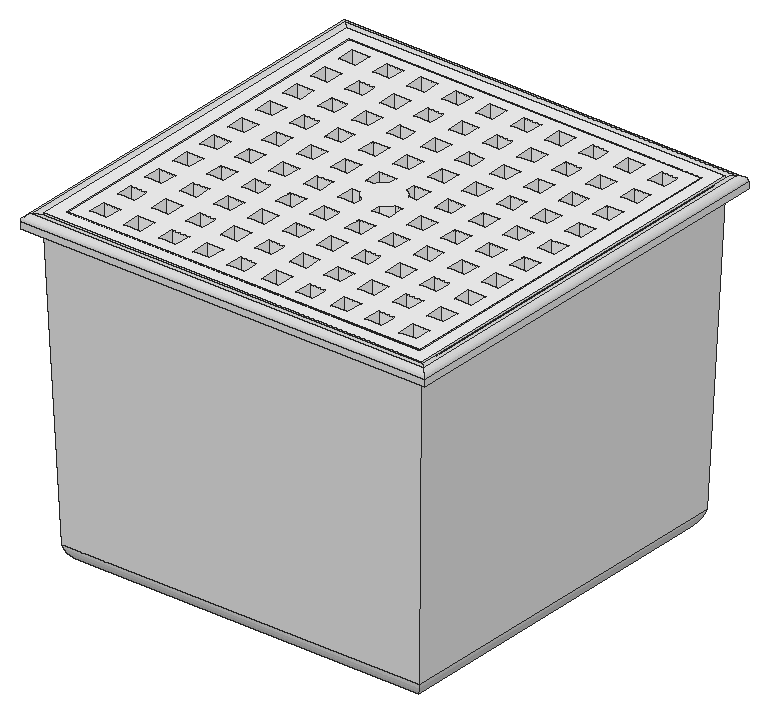
Revit family
Parameters (values of type "FD-1 - 2"")
  Pipe Conectior [instance] = 0' - 1"
  Half Grate [instance] = no
  Full Grate [instance] = yes
  Assembly Code = ""
  3/4 Grate [instance] = no
Reference planes (in)
  plane 1 "Center (Front/Back)": y = 0
  plane 2: z = 0
  plane 3 "Center (Left/Right)": x = 0
  plane 4 "Base": z = -6.5
  plane 5: z = -5.6293678
Forms (in)
  Extrusion 1, solid, detail levels fine
    sketch origin (0, 0, -6.5) x (0, -1, 0) y (1, 0, 0)
      loop
        circle (0, 0) r 1
    from -1 to 0
  Sweep 2, solid, material "Floor Sink - White Finish", detail levels fine
    path origin (0, 0, 0) x (1, 0, 0) y (0, 1, 0)
      loop
        line (-4, 4) -> (-4, -4) -> (4, -4) -> (4, 4) -> (-4, 4)
    profile origin (0, 4, 0) x (0, 1, 0) y (0, 0, 1)
      loop
        line (-0.4556165, -5.6380873) -> (-0.2629429, -0.1206376)
        arc (-0.2629429, -0.1206376) -> (-0.227609, -0.0353339) -> (-0.1423054, 0) r 0.1206376
        line (-0.1423054, 0) -> (0, 0) -> (0, 0.125)
        arc (0, 0.125) -> (-0.0366117, 0.2133883) -> (-0.125, 0.25) r 0.125
        arc (-0.125, 0.25) -> (-0.3901623, 0.1454581) -> (-0.5126383, -0.1119127) r 0.3885526
        line (-0.5126383, -0.1119127) -> (-0.705312, -5.6293678)
        arc (-0.705312, -5.6293678) -> (-0.7406444, -5.7146676) -> (-0.8259443, -5.75) r 0.1206322
        line (-0.8259443, -5.75) -> (-0.8259443, -6)
        arc (-0.8259443, -6) -> (-0.5788891, -5.882374) -> (-0.4556165, -5.6380873) r 0.4227632
  Extrusion 3, solid, material "Floor Sink - White Finish", detail levels fine
    sketch origin (0, 0, 0) x (1, 0, 0) y (0, 1, 0)
      loop
        line (-3.1696119, 3.1696119) -> (-3.1696119, -3.1696119) -> (3.1696119, -3.1696119) -> (3.1696119, 3.1696119) -> (-3.1696119, 3.1696119)
      loop
        circle (0, 0) r 1
    from -6 to -5.75
  Revolve 4, solid, material "Floor Sink - White Finish", detail levels fine
    sketch origin (0, 0, 0) x (0, 1, 0) y (0, 0, 1)
      loop
        line (0, -6) -> (0, -6.5) -> (2.25, -6.5)
        arc (2.25, -6.5) -> (2.3964466, -6.1464466) -> (2.75, -6) r 0.5
        line (2.75, -6) -> (0, -6)
      axis (0, -6.5) -> (0, -6)
    angle from 0 to 360
  Revolve 5, solid, material "Floor Sink - Stainless Steel Strainer", detail levels fine
    sketch origin (0, 0, 0) x (0, 1, 0) y (0, 0, 1)
      loop
        arc (0, -3.9024399) -> (1.3064223, -4.4435777) -> (1.8475601, -5.75) r 1.8475601
        line (1.8475601, -5.75) -> (2.0038101, -5.75)
        arc (2.0038101, -5.75) -> (1.4169077, -4.3330923) -> (0, -3.7461899) r 2.0038101
        line (0, -3.7461899) -> (0, -3.9024399)
      axis (0, -5.75) -> (0, -3.7461899)
    angle from 0 to 360
  Extrusion 6, void
    sketch origin (480, -3.294688, -5.6293678) x (1, 0, 0) y (0, -1, 0)
      loop
        arc (-480.1105554, -5.1245777) -> (-480, -5.1290601) -> (-479.8894446, -5.1245777) r 1.3656221
        arc (-479.8894446, -5.1245777) -> (-479.8255939, -5.0918424) -> (-479.803592, -5.0235458) r 0.09375
        line (-479.803592, -5.0235458) -> (-479.9065577, -3.7558483)
        arc (-479.9065577, -3.7558483) -> (-480, -3.669688) -> (-480.0934423, -3.7558483) r 0.09375
        line (-480.0934423, -3.7558483) -> (-480.196408, -5.0235458)
        arc (-480.196408, -5.0235458) -> (-480.1744061, -5.0918424) -> (-480.1105554, -5.1245777) r 0.09375
    from 0 to -1.9596836
  Extrusion 7, void
    sketch origin (402.020453, -262.2792603, -5.6293678) x (0.841254, -0.540641, 0) y (-0.540641, -0.841254, 0)
      loop
        arc (-480.1105554, -5.1245777) -> (-480, -5.1290601) -> (-479.8894446, -5.1245777) r 1.3656221
        arc (-479.8894446, -5.1245777) -> (-479.8255939, -5.0918424) -> (-479.803592, -5.0235458) r 0.09375
        line (-479.803592, -5.0235458) -> (-479.9065577, -3.7558483)
        arc (-479.9065577, -3.7558483) -> (-480, -3.669688) -> (-480.0934423, -3.7558483) r 0.09375
        line (-480.0934423, -3.7558483) -> (-480.196408, -5.0235458)
        arc (-480.196408, -5.0235458) -> (-480.1744061, -5.0918424) -> (-480.1105554, -5.1245777) r 0.09375
    from 0 to -1.9596836
  Extrusion 8, void
    sketch origin (405.5829385, 256.7359245, -5.6293678) x (0.841254, 0.540641, 0) y (0.540641, -0.841254, 0)
      loop
        arc (-480.1105554, -5.1245777) -> (-480, -5.1290601) -> (-479.8894446, -5.1245777) r 1.3656221
        arc (-479.8894446, -5.1245777) -> (-479.8255939, -5.0918424) -> (-479.803592, -5.0235458) r 0.09375
        line (-479.803592, -5.0235458) -> (-479.9065577, -3.7558483)
        arc (-479.9065577, -3.7558483) -> (-480, -3.669688) -> (-480.0934423, -3.7558483) r 0.09375
        line (-480.0934423, -3.7558483) -> (-480.196408, -5.0235458)
        arc (-480.196408, -5.0235458) -> (-480.1744061, -5.0918424) -> (-480.1105554, -5.1245777) r 0.09375
    from 0 to -1.9596836
  Extrusion 9, void
    sketch origin (202.3961598, 435.2546949, -5.6293678) x (0.415415, 0.909632, 0) y (0.909632, -0.415415, 0)
      loop
        arc (-480.1105554, -5.1245777) -> (-480, -5.1290601) -> (-479.8894446, -5.1245777) r 1.3656221
        arc (-479.8894446, -5.1245777) -> (-479.8255939, -5.0918424) -> (-479.803592, -5.0235458) r 0.09375
        line (-479.803592, -5.0235458) -> (-479.9065577, -3.7558483)
        arc (-479.9065577, -3.7558483) -> (-480, -3.669688) -> (-480.0934423, -3.7558483) r 0.09375
        line (-480.0934423, -3.7558483) -> (-480.196408, -5.0235458)
        arc (-480.196408, -5.0235458) -> (-480.1744061, -5.0918424) -> (-480.1105554, -5.1245777) r 0.09375
    from 0 to -1.9596836
  Extrusion 10, void
    sketch origin (-65.0499696, 475.5831751, -5.6293678) x (-0.142315, 0.989821, 0) y (0.989821, 0.142315, 0)
      loop
        arc (-480.1105554, -5.1245777) -> (-480, -5.1290601) -> (-479.8894446, -5.1245777) r 1.3656221
        arc (-479.8894446, -5.1245777) -> (-479.8255939, -5.0918424) -> (-479.803592, -5.0235458) r 0.09375
        line (-479.803592, -5.0235458) -> (-479.9065577, -3.7558483)
        arc (-479.9065577, -3.7558483) -> (-480, -3.669688) -> (-480.0934423, -3.7558483) r 0.09375
        line (-480.0934423, -3.7558483) -> (-480.196408, -5.0235458)
        arc (-480.196408, -5.0235458) -> (-480.1744061, -5.0918424) -> (-480.1105554, -5.1245777) r 0.09375
    from 0 to -1.9596836
  Extrusion 11, void
    sketch origin (-311.8431933, 364.9173575, -5.6293678) x (-0.654861, 0.75575, 0) y (0.75575, 0.654861, 0)
      loop
        arc (-480.1105554, -5.1245777) -> (-480, -5.1290601) -> (-479.8894446, -5.1245777) r 1.3656221
        arc (-479.8894446, -5.1245777) -> (-479.8255939, -5.0918424) -> (-479.803592, -5.0235458) r 0.09375
        line (-479.803592, -5.0235458) -> (-479.9065577, -3.7558483)
        arc (-479.9065577, -3.7558483) -> (-480, -3.669688) -> (-480.0934423, -3.7558483) r 0.09375
        line (-480.0934423, -3.7558483) -> (-480.196408, -5.0235458)
        arc (-480.196408, -5.0235458) -> (-480.1744061, -5.0918424) -> (-480.1105554, -5.1245777) r 0.09375
    from 0 to -1.9596836
  Extrusion 12, void
    sketch origin (-459.6284065, 138.3928572, -5.6293678) x (-0.959493, 0.281733, 0) y (0.281733, 0.959493, 0)
      loop
        arc (-480.1105554, -5.1245777) -> (-480, -5.1290601) -> (-479.8894446, -5.1245777) r 1.3656221
        arc (-479.8894446, -5.1245777) -> (-479.8255939, -5.0918424) -> (-479.803592, -5.0235458) r 0.09375
        line (-479.803592, -5.0235458) -> (-479.9065577, -3.7558483)
        arc (-479.9065577, -3.7558483) -> (-480, -3.669688) -> (-480.0934423, -3.7558483) r 0.09375
        line (-480.0934423, -3.7558483) -> (-480.196408, -5.0235458)
        arc (-480.196408, -5.0235458) -> (-480.1744061, -5.0918424) -> (-480.1105554, -5.1245777) r 0.09375
    from 0 to -1.9596836
  Extrusion 13, void
    sketch origin (-461.4848482, -132.0703973, -5.6293678) x (-0.959493, -0.281733, 0) y (-0.281733, 0.959493, 0)
      loop
        arc (-480.1105554, -5.1245777) -> (-480, -5.1290601) -> (-479.8894446, -5.1245777) r 1.3656221
        arc (-479.8894446, -5.1245777) -> (-479.8255939, -5.0918424) -> (-479.803592, -5.0235458) r 0.09375
        line (-479.803592, -5.0235458) -> (-479.9065577, -3.7558483)
        arc (-479.9065577, -3.7558483) -> (-480, -3.669688) -> (-480.0934423, -3.7558483) r 0.09375
        line (-480.0934423, -3.7558483) -> (-480.196408, -5.0235458)
        arc (-480.196408, -5.0235458) -> (-480.1744061, -5.0918424) -> (-480.1105554, -5.1245777) r 0.09375
    from 0 to -1.9596836
  Extrusion 14, void
    sketch origin (-316.8231113, -360.6022339, -5.6293678) x (-0.654861, -0.75575, 0) y (-0.75575, 0.654861, 0)
      loop
        arc (-480.1105554, -5.1245777) -> (-480, -5.1290601) -> (-479.8894446, -5.1245777) r 1.3656221
        arc (-479.8894446, -5.1245777) -> (-479.8255939, -5.0918424) -> (-479.803592, -5.0235458) r 0.09375
        line (-479.803592, -5.0235458) -> (-479.9065577, -3.7558483)
        arc (-479.9065577, -3.7558483) -> (-480, -3.669688) -> (-480.0934423, -3.7558483) r 0.09375
        line (-480.0934423, -3.7558483) -> (-480.196408, -5.0235458)
        arc (-480.196408, -5.0235458) -> (-480.1744061, -5.0918424) -> (-480.1105554, -5.1245777) r 0.09375
    from 0 to -1.9596836
  Extrusion 15, void
    sketch origin (-71.5722752, -474.6454091, -5.6293678) x (-0.142315, -0.989821, 0) y (-0.989821, 0.142315, 0)
      loop
        arc (-480.1105554, -5.1245777) -> (-480, -5.1290601) -> (-479.8894446, -5.1245777) r 1.3656221
        arc (-479.8894446, -5.1245777) -> (-479.8255939, -5.0918424) -> (-479.803592, -5.0235458) r 0.09375
        line (-479.803592, -5.0235458) -> (-479.9065577, -3.7558483)
        arc (-479.9065577, -3.7558483) -> (-480, -3.669688) -> (-480.0934423, -3.7558483) r 0.09375
        line (-480.0934423, -3.7558483) -> (-480.196408, -5.0235458)
        arc (-480.196408, -5.0235458) -> (-480.1744061, -5.0918424) -> (-480.1105554, -5.1245777) r 0.09375
    from 0 to -1.9596836
  Extrusion 16, void
    sketch origin (196.4022527, -437.9920206, -5.6293678) x (0.415415, -0.909632, 0) y (-0.909632, -0.415415, 0)
      loop
        arc (-480.1105554, -5.1245777) -> (-480, -5.1290601) -> (-479.8894446, -5.1245777) r 1.3656221
        arc (-479.8894446, -5.1245777) -> (-479.8255939, -5.0918424) -> (-479.803592, -5.0235458) r 0.09375
        line (-479.803592, -5.0235458) -> (-479.9065577, -3.7558483)
        arc (-479.9065577, -3.7558483) -> (-480, -3.669688) -> (-480.0934423, -3.7558483) r 0.09375
        line (-480.0934423, -3.7558483) -> (-480.196408, -5.0235458)
        arc (-480.196408, -5.0235458) -> (-480.1744061, -5.0918424) -> (-480.1105554, -5.1245777) r 0.09375
    from 0 to -1.9596836
  Extrusion 17, void
    sketch origin (480, -3.294688, -5.6293678) x (1, 0, 0) y (0, -1, 0)
      loop
        circle (-480, -3.294688) r 0.125
    from -1.9596836 to -1.4951966
  Extrusion 18, solid, material "Floor Sink - Stainless Steel Strainer", visible <- "Full Grate", detail levels fine
    sketch origin (0, 0, 0) x (1, 0, 0) y (0, 1, 0)
      loop
        line (-3.4873617, 3.4873617) -> (-3.4873617, -3.4873617) -> (3.4873617, -3.4873617) -> (3.4873617, 3.4873617) -> (-3.4873617, 3.4873617)
      loop
        line (-0.3417969, -0.171875) -> (-0.5117187, -0.171875) -> (-0.5117187, -0.5117188) -> (-0.171875, -0.5117188) -> (-0.171875, -0.3417969)
        arc (-0.171875, -0.3417969) -> (-0.2705237, -0.2705237) -> (-0.3417969, -0.171875) r 0.3825783
      loop
        line (0.171875, 0.5117187) -> (0.171875, 0.3417969)
        arc (0.171875, 0.3417969) -> (0.2705237, 0.2705237) -> (0.3417969, 0.171875) r 0.3825783
        line (0.3417969, 0.171875) -> (0.5117188, 0.171875) -> (0.5117188, 0.5117187) -> (0.171875, 0.5117187)
      loop
        line (1.1914063, 0.5117187) -> (0.8515625, 0.5117187) -> (0.8515625, 0.171875) -> (1.1914063, 0.171875) -> (1.1914063, 0.5117187)
      loop
        line (1.53125, 0.5117187) -> (1.53125, 0.171875) -> (1.8710938, 0.171875) -> (1.8710938, 0.5117187) -> (1.53125, 0.5117187)
      loop
        line (2.2109375, 0.5117187) -> (2.2109375, 0.171875) -> (2.5507813, 0.171875) -> (2.5507813, 0.5117187) -> (2.2109375, 0.5117187)
      loop
        line (2.890625, 0.5117187) -> (2.890625, 0.171875) -> (3.2304688, 0.171875) -> (3.2304688, 0.5117187) -> (2.890625, 0.5117187)
      loop
        line (0.171875, 1.1953125) -> (0.171875, 0.8554687) -> (0.5117188, 0.8554687) -> (0.5117188, 1.1953125) -> (0.171875, 1.1953125)
      loop
        line (1.1914063, 1.1953125) -> (0.8515625, 1.1953125) -> (0.8515625, 0.8554687) -> (1.1914063, 0.8554687) -> (1.1914063, 1.1953125)
      loop
        line (1.53125, 1.1953125) -> (1.53125, 0.8554687) -> (1.8710938, 0.8554687) -> (1.8710938, 1.1953125) -> (1.53125, 1.1953125)
      loop
        line (2.2109375, 1.1953125) -> (2.2109375, 0.8554687) -> (2.5507813, 0.8554687) -> (2.5507813, 1.1953125) -> (2.2109375, 1.1953125)
      loop
        line (2.890625, 1.1953125) -> (2.890625, 0.8554687) -> (3.2304688, 0.8554687) -> (3.2304688, 1.1953125) -> (2.890625, 1.1953125)
      loop
        line (0.171875, 1.8789062) -> (0.171875, 1.5390625) -> (0.5117188, 1.5390625) -> (0.5117188, 1.8789062) -> (0.171875, 1.8789062)
      loop
        line (1.1914063, 1.8789062) -> (0.8515625, 1.8789062) -> (0.8515625, 1.5390625) -> (1.1914063, 1.5390625) -> (1.1914063, 1.8789062)
      loop
        line (1.53125, 1.8789062) -> (1.53125, 1.5390625) -> (1.8710938, 1.5390625) -> (1.8710938, 1.8789062) -> (1.53125, 1.8789062)
      loop
        line (2.2109375, 1.8789062) -> (2.2109375, 1.5390625) -> (2.5507813, 1.5390625) -> (2.5507813, 1.8789062) -> (2.2109375, 1.8789062)
      loop
        line (2.890625, 1.8789062) -> (2.890625, 1.5390625) -> (3.2304688, 1.5390625) -> (3.2304688, 1.8789062) -> (2.890625, 1.8789062)
      loop
        line (0.171875, 2.5625) -> (0.171875, 2.2226562) -> (0.5117188, 2.2226562) -> (0.5117188, 2.5625) -> (0.171875, 2.5625)
      loop
        line (1.1914063, 2.5625) -> (0.8515625, 2.5625) -> (0.8515625, 2.2226562) -> (1.1914063, 2.2226562) -> (1.1914063, 2.5625)
      loop
        line (1.53125, 2.5625) -> (1.53125, 2.2226562) -> (1.8710938, 2.2226562) -> (1.8710938, 2.5625) -> (1.53125, 2.5625)
      loop
        line (2.2109375, 2.5625) -> (2.2109375, 2.2226562) -> (2.5507813, 2.2226562) -> (2.5507813, 2.5625) -> (2.2109375, 2.5625)
      loop
        line (2.890625, 2.5625) -> (2.890625, 2.2226562) -> (3.2304688, 2.2226562) -> (3.2304688, 2.5625) -> (2.890625, 2.5625)
      loop
        line (0.171875, 3.2460937) -> (0.171875, 2.90625) -> (0.5117188, 2.90625) -> (0.5117188, 3.2460937) -> (0.171875, 3.2460937)
      loop
        line (1.1914063, 3.2460937) -> (0.8515625, 3.2460937) -> (0.8515625, 2.90625) -> (1.1914063, 2.90625) -> (1.1914063, 3.2460937)
      loop
        line (1.53125, 3.2460937) -> (1.53125, 2.90625) -> (1.8710938, 2.90625) -> (1.8710938, 3.2460937) -> (1.53125, 3.2460937)
      loop
        line (2.2109375, 3.2460937) -> (2.2109375, 2.90625) -> (2.5507813, 2.90625) -> (2.5507813, 3.2460937) -> (2.2109375, 3.2460937)
      loop
        line (2.890625, 3.2460937) -> (2.890625, 2.90625) -> (3.2304688, 2.90625) -> (3.2304688, 3.2460937) -> (2.890625, 3.2460937)
      loop
        line (-0.171875, 0.5117187) -> (-0.5117187, 0.5117187) -> (-0.5117187, 0.171875) -> (-0.3417969, 0.171875)
        arc (-0.3417969, 0.171875) -> (-0.2705237, 0.2705237) -> (-0.171875, 0.3417969) r 0.3825783
        line (-0.171875, 0.3417969) -> (-0.171875, 0.5117187)
      loop
        line (-1.1914062, 0.5117187) -> (-1.1914062, 0.171875) -> (-0.8515625, 0.171875) -> (-0.8515625, 0.5117187) -> (-1.1914062, 0.5117187)
      loop
        line (-1.53125, 0.5117187) -> (-1.8710937, 0.5117187) -> (-1.8710937, 0.171875) -> (-1.53125, 0.171875) -> (-1.53125, 0.5117187)
      loop
        line (-2.2109375, 0.5117187) -> (-2.5507812, 0.5117187) -> (-2.5507812, 0.171875) -> (-2.2109375, 0.171875) -> (-2.2109375, 0.5117187)
      loop
        line (-2.890625, 0.5117187) -> (-3.2304687, 0.5117187) -> (-3.2304687, 0.171875) -> (-2.890625, 0.171875) -> (-2.890625, 0.5117187)
      loop
        line (-0.171875, 1.1953125) -> (-0.5117187, 1.1953125) -> (-0.5117187, 0.8554687) -> (-0.171875, 0.8554687) -> (-0.171875, 1.1953125)
      loop
        line (-1.1914062, 1.1953125) -> (-1.1914062, 0.8554687) -> (-0.8515625, 0.8554687) -> (-0.8515625, 1.1953125) -> (-1.1914062, 1.1953125)
      loop
        line (-1.53125, 1.1953125) -> (-1.8710937, 1.1953125) -> (-1.8710937, 0.8554687) -> (-1.53125, 0.8554687) -> (-1.53125, 1.1953125)
      loop
        line (-2.2109375, 1.1953125) -> (-2.5507812, 1.1953125) -> (-2.5507812, 0.8554687) -> (-2.2109375, 0.8554687) -> (-2.2109375, 1.1953125)
      loop
        line (-2.890625, 1.1953125) -> (-3.2304687, 1.1953125) -> (-3.2304687, 0.8554687) -> (-2.890625, 0.8554687) -> (-2.890625, 1.1953125)
      loop
        line (-0.171875, 1.8789062) -> (-0.5117187, 1.8789062) -> (-0.5117187, 1.5390625) -> (-0.171875, 1.5390625) -> (-0.171875, 1.8789062)
      loop
        line (-1.1914062, 1.8789062) -> (-1.1914062, 1.5390625) -> (-0.8515625, 1.5390625) -> (-0.8515625, 1.8789062) -> (-1.1914062, 1.8789062)
      loop
        line (-1.53125, 1.8789062) -> (-1.8710937, 1.8789062) -> (-1.8710937, 1.5390625) -> (-1.53125, 1.5390625) -> (-1.53125, 1.8789062)
      loop
        line (-2.2109375, 1.8789062) -> (-2.5507812, 1.8789062) -> (-2.5507812, 1.5390625) -> (-2.2109375, 1.5390625) -> (-2.2109375, 1.8789062)
      loop
        line (-2.890625, 1.8789062) -> (-3.2304687, 1.8789062) -> (-3.2304687, 1.5390625) -> (-2.890625, 1.5390625) -> (-2.890625, 1.8789062)
      loop
        line (-0.171875, 2.5625) -> (-0.5117187, 2.5625) -> (-0.5117187, 2.2226562) -> (-0.171875, 2.2226562) -> (-0.171875, 2.5625)
      loop
        line (-1.1914062, 2.5625) -> (-1.1914062, 2.2226562) -> (-0.8515625, 2.2226562) -> (-0.8515625, 2.5625) -> (-1.1914062, 2.5625)
      loop
        line (-1.53125, 2.5625) -> (-1.8710937, 2.5625) -> (-1.8710937, 2.2226562) -> (-1.53125, 2.2226562) -> (-1.53125, 2.5625)
      loop
        line (-2.2109375, 2.5625) -> (-2.5507812, 2.5625) -> (-2.5507812, 2.2226562) -> (-2.2109375, 2.2226562) -> (-2.2109375, 2.5625)
      loop
        line (-2.890625, 2.5625) -> (-3.2304687, 2.5625) -> (-3.2304687, 2.2226562) -> (-2.890625, 2.2226562) -> (-2.890625, 2.5625)
      loop
        line (-0.171875, 3.2460937) -> (-0.5117187, 3.2460937) -> (-0.5117187, 2.90625) -> (-0.171875, 2.90625) -> (-0.171875, 3.2460937)
      loop
        line (-1.1914062, 3.2460937) -> (-1.1914062, 2.90625) -> (-0.8515625, 2.90625) -> (-0.8515625, 3.2460937) -> (-1.1914062, 3.2460937)
      loop
        line (-1.53125, 3.2460937) -> (-1.8710937, 3.2460937) -> (-1.8710937, 2.90625) -> (-1.53125, 2.90625) -> (-1.53125, 3.2460937)
      loop
        line (-2.2109375, 3.2460937) -> (-2.5507812, 3.2460937) -> (-2.5507812, 2.90625) -> (-2.2109375, 2.90625) -> (-2.2109375, 3.2460937)
      loop
        line (-2.890625, 3.2460937) -> (-3.2304687, 3.2460937) -> (-3.2304687, 2.90625) -> (-2.890625, 2.90625) -> (-2.890625, 3.2460937)
      loop
        line (-1.1914062, -0.5117187) -> (-0.8515625, -0.5117187) -> (-0.8515625, -0.171875) -> (-1.1914062, -0.171875) -> (-1.1914062, -0.5117187)
      loop
        line (-1.53125, -0.5117187) -> (-1.53125, -0.171875) -> (-1.8710937, -0.171875) -> (-1.8710937, -0.5117187) -> (-1.53125, -0.5117187)
      loop
        line (-2.2109375, -0.5117187) -> (-2.2109375, -0.171875) -> (-2.5507812, -0.171875) -> (-2.5507812, -0.5117187) -> (-2.2109375, -0.5117187)
      loop
        line (-2.890625, -0.5117187) -> (-2.890625, -0.171875) -> (-3.2304687, -0.171875) -> (-3.2304687, -0.5117187) -> (-2.890625, -0.5117187)
      loop
        line (-0.171875, -1.1953125) -> (-0.171875, -0.8554688) -> (-0.5117187, -0.8554688) -> (-0.5117187, -1.1953125) -> (-0.171875, -1.1953125)
      loop
        line (-1.1914062, -1.1953125) -> (-0.8515625, -1.1953125) -> (-0.8515625, -0.8554688) -> (-1.1914062, -0.8554687) -> (-1.1914062, -1.1953125)
      loop
        line (-1.53125, -1.1953125) -> (-1.53125, -0.8554687) -> (-1.8710937, -0.8554687) -> (-1.8710937, -1.1953125) -> (-1.53125, -1.1953125)
      loop
        line (-2.2109375, -1.1953125) -> (-2.2109375, -0.8554687) -> (-2.5507812, -0.8554687) -> (-2.5507812, -1.1953125) -> (-2.2109375, -1.1953125)
      loop
        line (-2.890625, -1.1953125) -> (-2.890625, -0.8554687) -> (-3.2304687, -0.8554687) -> (-3.2304687, -1.1953125) -> (-2.890625, -1.1953125)
      loop
        line (-0.171875, -1.8789063) -> (-0.171875, -1.5390625) -> (-0.5117187, -1.5390625) -> (-0.5117187, -1.8789063) -> (-0.171875, -1.8789063)
      loop
        line (-1.1914062, -1.8789062) -> (-0.8515625, -1.8789063) -> (-0.8515625, -1.5390625) -> (-1.1914062, -1.5390625) -> (-1.1914062, -1.8789062)
      loop
        line (-1.53125, -1.8789062) -> (-1.53125, -1.5390625) -> (-1.8710937, -1.5390625) -> (-1.8710937, -1.8789062) -> (-1.53125, -1.8789062)
      loop
        line (-2.2109375, -1.8789062) -> (-2.2109375, -1.5390625) -> (-2.5507812, -1.5390625) -> (-2.5507812, -1.8789062) -> (-2.2109375, -1.8789062)
      loop
        line (-2.890625, -1.8789062) -> (-2.890625, -1.5390625) -> (-3.2304687, -1.5390625) -> (-3.2304687, -1.8789062) -> (-2.890625, -1.8789062)
      loop
        line (-0.171875, -2.5625) -> (-0.171875, -2.2226563) -> (-0.5117187, -2.2226563) -> (-0.5117187, -2.5625) -> (-0.171875, -2.5625)
      loop
        line (-1.1914062, -2.5625) -> (-0.8515625, -2.5625) -> (-0.8515625, -2.2226563) -> (-1.1914062, -2.2226563) -> (-1.1914062, -2.5625)
      loop
        line (-1.53125, -2.5625) -> (-1.53125, -2.2226562) -> (-1.8710937, -2.2226562) -> (-1.8710937, -2.5625) -> (-1.53125, -2.5625)
      loop
        line (-2.2109375, -2.5625) -> (-2.2109375, -2.2226562) -> (-2.5507812, -2.2226562) -> (-2.5507812, -2.5625) -> (-2.2109375, -2.5625)
      loop
        line (-2.890625, -2.5625) -> (-2.890625, -2.2226562) -> (-3.2304687, -2.2226562) -> (-3.2304687, -2.5625) -> (-2.890625, -2.5625)
      loop
        line (-0.171875, -3.2460938) -> (-0.171875, -2.90625) -> (-0.5117187, -2.90625) -> (-0.5117187, -3.2460938) -> (-0.171875, -3.2460938)
      loop
        line (-1.1914062, -3.2460938) -> (-0.8515625, -3.2460938) -> (-0.8515625, -2.90625) -> (-1.1914062, -2.90625) -> (-1.1914062, -3.2460938)
      loop
        line (-1.53125, -3.2460937) -> (-1.53125, -2.90625) -> (-1.8710937, -2.90625) -> (-1.8710937, -3.2460937) -> (-1.53125, -3.2460937)
      loop
        line (-2.2109375, -3.2460937) -> (-2.2109375, -2.90625) -> (-2.5507812, -2.90625) -> (-2.5507812, -3.2460937) -> (-2.2109375, -3.2460937)
      loop
        line (-2.890625, -3.2460937) -> (-2.890625, -2.90625) -> (-3.2304687, -2.90625) -> (-3.2304687, -3.2460937) -> (-2.890625, -3.2460937)
      loop
        line (0.171875, -0.5117188) -> (0.5117188, -0.5117188) -> (0.5117188, -0.171875) -> (0.3417969, -0.171875)
        arc (0.3417969, -0.171875) -> (0.2705237, -0.2705237) -> (0.171875, -0.3417969) r 0.3825783
        line (0.171875, -0.3417969) -> (0.171875, -0.5117188)
      loop
        line (1.1914063, -0.5117187) -> (1.1914063, -0.171875) -> (0.8515625, -0.171875) -> (0.8515625, -0.5117187) -> (1.1914063, -0.5117187)
      loop
        line (1.53125, -0.5117187) -> (1.8710938, -0.5117187) -> (1.8710938, -0.171875) -> (1.53125, -0.171875) -> (1.53125, -0.5117187)
      loop
        line (2.2109375, -0.5117187) -> (2.5507813, -0.5117187) -> (2.5507813, -0.171875) -> (2.2109375, -0.171875) -> (2.2109375, -0.5117187)
      loop
        line (2.890625, -0.5117187) -> (3.2304688, -0.5117187) -> (3.2304688, -0.171875) -> (2.890625, -0.171875) -> (2.890625, -0.5117187)
      loop
        line (0.171875, -1.1953125) -> (0.5117188, -1.1953125) -> (0.5117188, -0.8554688) -> (0.171875, -0.8554688) -> (0.171875, -1.1953125)
      loop
        line (1.1914063, -1.1953125) -> (1.1914063, -0.8554687) -> (0.8515625, -0.8554688) -> (0.8515625, -1.1953125) -> (1.1914063, -1.1953125)
      loop
        line (1.53125, -1.1953125) -> (1.8710938, -1.1953125) -> (1.8710938, -0.8554687) -> (1.53125, -0.8554687) -> (1.53125, -1.1953125)
      loop
        line (2.2109375, -1.1953125) -> (2.5507813, -1.1953125) -> (2.5507813, -0.8554687) -> (2.2109375, -0.8554687) -> (2.2109375, -1.1953125)
      loop
        line (2.890625, -1.1953125) -> (3.2304688, -1.1953125) -> (3.2304688, -0.8554687) -> (2.890625, -0.8554687) -> (2.890625, -1.1953125)
      loop
        line (0.171875, -1.8789063) -> (0.5117188, -1.8789063) -> (0.5117188, -1.5390625) -> (0.171875, -1.5390625) -> (0.171875, -1.8789063)
      loop
        line (1.1914063, -1.8789062) -> (1.1914063, -1.5390625) -> (0.8515625, -1.5390625) -> (0.8515625, -1.8789063) -> (1.1914063, -1.8789062)
      loop
        line (1.53125, -1.8789062) -> (1.8710938, -1.8789062) -> (1.8710938, -1.5390625) -> (1.53125, -1.5390625) -> (1.53125, -1.8789062)
      loop
        line (2.2109375, -1.8789062) -> (2.5507813, -1.8789062) -> (2.5507813, -1.5390625) -> (2.2109375, -1.5390625) -> (2.2109375, -1.8789062)
      loop
        line (2.890625, -1.8789062) -> (3.2304688, -1.8789062) -> (3.2304688, -1.5390625) -> (2.890625, -1.5390625) -> (2.890625, -1.8789062)
      loop
        line (0.171875, -2.5625) -> (0.5117188, -2.5625) -> (0.5117188, -2.2226563) -> (0.171875, -2.2226563) -> (0.171875, -2.5625)
      loop
        line (1.1914063, -2.5625) -> (1.1914063, -2.2226563) -> (0.8515625, -2.2226563) -> (0.8515625, -2.5625) -> (1.1914063, -2.5625)
      loop
        line (1.53125, -2.5625) -> (1.8710938, -2.5625) -> (1.8710938, -2.2226562) -> (1.53125, -2.2226562) -> (1.53125, -2.5625)
      loop
        line (2.2109375, -2.5625) -> (2.5507813, -2.5625) -> (2.5507813, -2.2226562) -> (2.2109375, -2.2226562) -> (2.2109375, -2.5625)
      loop
        line (2.890625, -2.5625) -> (3.2304688, -2.5625) -> (3.2304688, -2.2226562) -> (2.890625, -2.2226562) -> (2.890625, -2.5625)
      loop
        line (0.171875, -3.2460938) -> (0.5117188, -3.2460938) -> (0.5117188, -2.90625) -> (0.171875, -2.90625) -> (0.171875, -3.2460938)
      loop
        line (1.1914063, -3.2460938) -> (1.1914063, -2.90625) -> (0.8515625, -2.90625) -> (0.8515625, -3.2460938) -> (1.1914063, -3.2460938)
      loop
        line (1.53125, -3.2460937) -> (1.8710938, -3.2460937) -> (1.8710938, -2.90625) -> (1.53125, -2.90625) -> (1.53125, -3.2460937)
      loop
        line (2.2109375, -3.2460937) -> (2.5507813, -3.2460937) -> (2.5507813, -2.90625) -> (2.2109375, -2.90625) -> (2.2109375, -3.2460937)
      loop
        line (2.890625, -3.2460937) -> (3.2304688, -3.2460937) -> (3.2304688, -2.90625) -> (2.890625, -2.90625) -> (2.890625, -3.2460937)
    from -0.1206376 to 0.25
  Extrusion 19, solid, material "Floor Sink - Stainless Steel Strainer", visible <- "Full Grate", detail levels fine
    sketch origin (0, 0, 0) x (1, 0, 0) y (0, 0, 1)
      loop
        line (3.4873617, 0.25) -> (3.4873617, -0.1119127) -> (3.7373617, 0.187267) -> (3.7373617, 0.25) -> (3.4873617, 0.25)
    from -3.7373617 to 3.7373617
  Extrusion 20, solid, material "Floor Sink - Stainless Steel Strainer", visible <- "Full Grate", detail levels fine
    sketch origin (0, 0, 0) x (-1, 0, 0) y (0, 0, -1)
      loop
        line (3.4873617, -0.25) -> (3.7373617, -0.25) -> (3.7373617, -0.187267) -> (3.4873617, 0.1119127) -> (3.4873617, -0.25)
    from -3.7373617 to 3.7373617
  Extrusion 21, solid, material "Floor Sink - Stainless Steel Strainer", visible <- "Full Grate", detail levels fine
    sketch origin (0, 0, 0) x (0, -1, 0) y (0, 0, 1)
      loop
        line (3.4873617, 0.25) -> (3.4873617, -0.1119127) -> (3.7373617, 0.187267) -> (3.7373617, 0.25) -> (3.4873617, 0.25)
    from -3.7373617 to 3.7373617
  Extrusion 22, solid, material "Floor Sink - Stainless Steel Strainer", visible <- "Full Grate", detail levels fine
    sketch origin (0, 0, 0) x (0, 1, 0) y (0, 0, -1)
      loop
        line (3.4873617, -0.25) -> (3.7373617, -0.25) -> (3.7373617, -0.187267) -> (3.4873617, 0.1119127) -> (3.4873617, -0.25)
    from -3.7373617 to 3.7373617
  Extrusion 23, solid, material "Floor Sink - Stainless Steel Strainer", visible <- "Half Grate", detail levels fine
    sketch origin (0, 0, 0) x (1, 0, 0) y (0, 1, 0)
      loop
        line (-3.4873617, -3.4873617) -> (3.4873617, -3.4873617) -> (3.4873617, 0.171875) -> (0.3417969, 0.171875)
        arc (0.3417969, 0.171875) -> (0, 0.3825783) -> (-0.3417969, 0.171875) r 0.3825783
        line (-0.3417969, 0.171875) -> (-3.4873617, 0.171875) -> (-3.4873617, -3.4873617)
      loop
        line (-0.3417969, -0.171875) -> (-0.5117187, -0.171875) -> (-0.5117187, -0.5117188) -> (-0.171875, -0.5117188) -> (-0.171875, -0.3417969)
        arc (-0.171875, -0.3417969) -> (-0.2705237, -0.2705237) -> (-0.3417969, -0.171875) r 0.3825783
      loop
        line (-1.1914062, -0.5117187) -> (-0.8515625, -0.5117187) -> (-0.8515625, -0.171875) -> (-1.1914062, -0.171875) -> (-1.1914062, -0.5117187)
      loop
        line (-1.53125, -0.5117187) -> (-1.53125, -0.171875) -> (-1.8710937, -0.171875) -> (-1.8710937, -0.5117187) -> (-1.53125, -0.5117187)
      loop
        line (-2.2109375, -0.5117187) -> (-2.2109375, -0.171875) -> (-2.5507812, -0.171875) -> (-2.5507812, -0.5117187) -> (-2.2109375, -0.5117187)
      loop
        line (-2.890625, -0.5117187) -> (-2.890625, -0.171875) -> (-3.2304687, -0.171875) -> (-3.2304687, -0.5117187) -> (-2.890625, -0.5117187)
      loop
        line (-0.171875, -1.1953125) -> (-0.171875, -0.8554688) -> (-0.5117187, -0.8554688) -> (-0.5117187, -1.1953125) -> (-0.171875, -1.1953125)
      loop
        line (-1.1914062, -1.1953125) -> (-0.8515625, -1.1953125) -> (-0.8515625, -0.8554688) -> (-1.1914062, -0.8554687) -> (-1.1914062, -1.1953125)
      loop
        line (-1.53125, -1.1953125) -> (-1.53125, -0.8554687) -> (-1.8710937, -0.8554687) -> (-1.8710937, -1.1953125) -> (-1.53125, -1.1953125)
      loop
        line (-2.2109375, -1.1953125) -> (-2.2109375, -0.8554687) -> (-2.5507812, -0.8554687) -> (-2.5507812, -1.1953125) -> (-2.2109375, -1.1953125)
      loop
        line (-2.890625, -1.1953125) -> (-2.890625, -0.8554687) -> (-3.2304687, -0.8554687) -> (-3.2304687, -1.1953125) -> (-2.890625, -1.1953125)
      loop
        line (-0.171875, -1.8789063) -> (-0.171875, -1.5390625) -> (-0.5117187, -1.5390625) -> (-0.5117187, -1.8789063) -> (-0.171875, -1.8789063)
      loop
        line (-1.1914062, -1.8789062) -> (-0.8515625, -1.8789063) -> (-0.8515625, -1.5390625) -> (-1.1914062, -1.5390625) -> (-1.1914062, -1.8789062)
      loop
        line (-1.53125, -1.8789062) -> (-1.53125, -1.5390625) -> (-1.8710937, -1.5390625) -> (-1.8710937, -1.8789062) -> (-1.53125, -1.8789062)
      loop
        line (-2.2109375, -1.8789062) -> (-2.2109375, -1.5390625) -> (-2.5507812, -1.5390625) -> (-2.5507812, -1.8789062) -> (-2.2109375, -1.8789062)
      loop
        line (-2.890625, -1.8789062) -> (-2.890625, -1.5390625) -> (-3.2304687, -1.5390625) -> (-3.2304687, -1.8789062) -> (-2.890625, -1.8789062)
      loop
        line (-0.171875, -2.5625) -> (-0.171875, -2.2226563) -> (-0.5117187, -2.2226563) -> (-0.5117187, -2.5625) -> (-0.171875, -2.5625)
      loop
        line (-1.1914062, -2.5625) -> (-0.8515625, -2.5625) -> (-0.8515625, -2.2226563) -> (-1.1914062, -2.2226563) -> (-1.1914062, -2.5625)
      loop
        line (-1.53125, -2.5625) -> (-1.53125, -2.2226562) -> (-1.8710937, -2.2226562) -> (-1.8710937, -2.5625) -> (-1.53125, -2.5625)
      loop
        line (-2.2109375, -2.5625) -> (-2.2109375, -2.2226562) -> (-2.5507812, -2.2226562) -> (-2.5507812, -2.5625) -> (-2.2109375, -2.5625)
      loop
        line (-2.890625, -2.5625) -> (-2.890625, -2.2226562) -> (-3.2304687, -2.2226562) -> (-3.2304687, -2.5625) -> (-2.890625, -2.5625)
      loop
        line (-0.171875, -3.2460938) -> (-0.171875, -2.90625) -> (-0.5117187, -2.90625) -> (-0.5117187, -3.2460938) -> (-0.171875, -3.2460938)
      loop
        line (-1.1914062, -3.2460938) -> (-0.8515625, -3.2460938) -> (-0.8515625, -2.90625) -> (-1.1914062, -2.90625) -> (-1.1914062, -3.2460938)
      loop
        line (-1.53125, -3.2460937) -> (-1.53125, -2.90625) -> (-1.8710937, -2.90625) -> (-1.8710937, -3.2460937) -> (-1.53125, -3.2460937)
      loop
        line (-2.2109375, -3.2460937) -> (-2.2109375, -2.90625) -> (-2.5507812, -2.90625) -> (-2.5507812, -3.2460937) -> (-2.2109375, -3.2460937)
      loop
        line (-2.890625, -3.2460937) -> (-2.890625, -2.90625) -> (-3.2304687, -2.90625) -> (-3.2304687, -3.2460937) -> (-2.890625, -3.2460937)
      loop
        line (0.171875, -0.5117188) -> (0.5117188, -0.5117188) -> (0.5117188, -0.171875) -> (0.3417969, -0.171875)
        arc (0.3417969, -0.171875) -> (0.2705237, -0.2705237) -> (0.171875, -0.3417969) r 0.3825783
        line (0.171875, -0.3417969) -> (0.171875, -0.5117188)
      loop
        line (1.1914063, -0.5117187) -> (1.1914063, -0.171875) -> (0.8515625, -0.171875) -> (0.8515625, -0.5117187) -> (1.1914063, -0.5117187)
      loop
        line (1.53125, -0.5117187) -> (1.8710938, -0.5117187) -> (1.8710938, -0.171875) -> (1.53125, -0.171875) -> (1.53125, -0.5117187)
      loop
        line (2.2109375, -0.5117187) -> (2.5507813, -0.5117187) -> (2.5507813, -0.171875) -> (2.2109375, -0.171875) -> (2.2109375, -0.5117187)
      loop
        line (2.890625, -0.5117187) -> (3.2304688, -0.5117187) -> (3.2304688, -0.171875) -> (2.890625, -0.171875) -> (2.890625, -0.5117187)
      loop
        line (0.171875, -1.1953125) -> (0.5117188, -1.1953125) -> (0.5117188, -0.8554688) -> (0.171875, -0.8554688) -> (0.171875, -1.1953125)
      loop
        line (1.1914063, -1.1953125) -> (1.1914063, -0.8554687) -> (0.8515625, -0.8554688) -> (0.8515625, -1.1953125) -> (1.1914063, -1.1953125)
      loop
        line (1.53125, -1.1953125) -> (1.8710938, -1.1953125) -> (1.8710938, -0.8554687) -> (1.53125, -0.8554687) -> (1.53125, -1.1953125)
      loop
        line (2.2109375, -1.1953125) -> (2.5507813, -1.1953125) -> (2.5507813, -0.8554687) -> (2.2109375, -0.8554687) -> (2.2109375, -1.1953125)
      loop
        line (2.890625, -1.1953125) -> (3.2304688, -1.1953125) -> (3.2304688, -0.8554687) -> (2.890625, -0.8554687) -> (2.890625, -1.1953125)
      loop
        line (0.171875, -1.8789063) -> (0.5117188, -1.8789063) -> (0.5117188, -1.5390625) -> (0.171875, -1.5390625) -> (0.171875, -1.8789063)
      loop
        line (1.1914063, -1.8789062) -> (1.1914063, -1.5390625) -> (0.8515625, -1.5390625) -> (0.8515625, -1.8789063) -> (1.1914063, -1.8789062)
      loop
        line (1.53125, -1.8789062) -> (1.8710938, -1.8789062) -> (1.8710938, -1.5390625) -> (1.53125, -1.5390625) -> (1.53125, -1.8789062)
      loop
        line (2.2109375, -1.8789062) -> (2.5507813, -1.8789062) -> (2.5507813, -1.5390625) -> (2.2109375, -1.5390625) -> (2.2109375, -1.8789062)
      loop
        line (2.890625, -1.8789062) -> (3.2304688, -1.8789062) -> (3.2304688, -1.5390625) -> (2.890625, -1.5390625) -> (2.890625, -1.8789062)
      loop
        line (0.171875, -2.5625) -> (0.5117188, -2.5625) -> (0.5117188, -2.2226563) -> (0.171875, -2.2226563) -> (0.171875, -2.5625)
      loop
        line (1.1914063, -2.5625) -> (1.1914063, -2.2226563) -> (0.8515625, -2.2226563) -> (0.8515625, -2.5625) -> (1.1914063, -2.5625)
      loop
        line (1.53125, -2.5625) -> (1.8710938, -2.5625) -> (1.8710938, -2.2226562) -> (1.53125, -2.2226562) -> (1.53125, -2.5625)
      loop
        line (2.2109375, -2.5625) -> (2.5507813, -2.5625) -> (2.5507813, -2.2226562) -> (2.2109375, -2.2226562) -> (2.2109375, -2.5625)
      loop
        line (2.890625, -2.5625) -> (3.2304688, -2.5625) -> (3.2304688, -2.2226562) -> (2.890625, -2.2226562) -> (2.890625, -2.5625)
      loop
        line (0.171875, -3.2460938) -> (0.5117188, -3.2460938) -> (0.5117188, -2.90625) -> (0.171875, -2.90625) -> (0.171875, -3.2460938)
      loop
        line (1.1914063, -3.2460938) -> (1.1914063, -2.90625) -> (0.8515625, -2.90625) -> (0.8515625, -3.2460938) -> (1.1914063, -3.2460938)
      loop
        line (1.53125, -3.2460937) -> (1.8710938, -3.2460937) -> (1.8710938, -2.90625) -> (1.53125, -2.90625) -> (1.53125, -3.2460937)
      loop
        line (2.2109375, -3.2460937) -> (2.5507813, -3.2460937) -> (2.5507813, -2.90625) -> (2.2109375, -2.90625) -> (2.2109375, -3.2460937)
      loop
        line (2.890625, -3.2460937) -> (3.2304688, -3.2460937) -> (3.2304688, -2.90625) -> (2.890625, -2.90625) -> (2.890625, -3.2460937)
    from -0.1206376 to 0.25
  Extrusion 24, solid, material "Floor Sink - Stainless Steel Strainer", visible <- "Half Grate", detail levels fine
    sketch origin (0, 0, 0) x (1, 0, 0) y (0, 0, 1)
      loop
        line (3.4873617, 0.25) -> (3.4873617, -0.1119127) -> (3.7373617, 0.187267) -> (3.7373617, 0.25) -> (3.4873617, 0.25)
    from -0.171875 to 3.7373617
  Extrusion 25, solid, material "Floor Sink - Stainless Steel Strainer", visible <- "Half Grate", detail levels fine
    sketch origin (0, 0, 0) x (-1, 0, 0) y (0, 0, -1)
      loop
        line (3.4873617, -0.25) -> (3.7373617, -0.25) -> (3.7373617, -0.187267) -> (3.4873617, 0.1119127) -> (3.4873617, -0.25)
    from -0.171875 to 3.7373617
  Extrusion 26, solid, material "Floor Sink - Stainless Steel Strainer", visible <- "Half Grate", detail levels fine
    sketch origin (0, 0, 0) x (0, -1, 0) y (0, 0, 1)
      loop
        line (3.4873617, 0.25) -> (3.4873617, -0.1119127) -> (3.7373617, 0.187267) -> (3.7373617, 0.25) -> (3.4873617, 0.25)
    from -3.7373617 to 3.7373617
  Extrusion 27, solid, material "Floor Sink - Stainless Steel Strainer", visible <- "3/4 Grate", detail levels fine
    sketch origin (0, 0, 0) x (1, 0, 0) y (0, 1, 0)
      loop
        line (-3.4873617, 3.4873617) -> (-3.4873617, -3.4873617) -> (3.4873617, -3.4873617) -> (3.4873617, 0.171875) -> (0.3417969, 0.171875)
        arc (0.3417969, 0.171875) -> (0.2705237, 0.2705237) -> (0.171875, 0.3417969) r 0.3825783
        line (0.171875, 0.3417969) -> (0.171875, 3.4873617) -> (-3.4873617, 3.4873617)
      loop
        line (-0.3417969, -0.171875) -> (-0.5117187, -0.171875) -> (-0.5117187, -0.5117188) -> (-0.171875, -0.5117188) -> (-0.171875, -0.3417969)
        arc (-0.171875, -0.3417969) -> (-0.2705237, -0.2705237) -> (-0.3417969, -0.171875) r 0.3825783
      loop
        line (-0.171875, 0.5117187) -> (-0.5117187, 0.5117187) -> (-0.5117187, 0.171875) -> (-0.3417969, 0.171875)
        arc (-0.3417969, 0.171875) -> (-0.2705237, 0.2705237) -> (-0.171875, 0.3417969) r 0.3825783
        line (-0.171875, 0.3417969) -> (-0.171875, 0.5117187)
      loop
        line (-1.1914062, 0.5117187) -> (-1.1914062, 0.171875) -> (-0.8515625, 0.171875) -> (-0.8515625, 0.5117187) -> (-1.1914062, 0.5117187)
      loop
        line (-1.53125, 0.5117187) -> (-1.8710937, 0.5117187) -> (-1.8710937, 0.171875) -> (-1.53125, 0.171875) -> (-1.53125, 0.5117187)
      loop
        line (-2.2109375, 0.5117187) -> (-2.5507812, 0.5117187) -> (-2.5507812, 0.171875) -> (-2.2109375, 0.171875) -> (-2.2109375, 0.5117187)
      loop
        line (-2.890625, 0.5117187) -> (-3.2304687, 0.5117187) -> (-3.2304687, 0.171875) -> (-2.890625, 0.171875) -> (-2.890625, 0.5117187)
      loop
        line (-0.171875, 1.1953125) -> (-0.5117187, 1.1953125) -> (-0.5117187, 0.8554687) -> (-0.171875, 0.8554687) -> (-0.171875, 1.1953125)
      loop
        line (-1.1914062, 1.1953125) -> (-1.1914062, 0.8554687) -> (-0.8515625, 0.8554687) -> (-0.8515625, 1.1953125) -> (-1.1914062, 1.1953125)
      loop
        line (-1.53125, 1.1953125) -> (-1.8710937, 1.1953125) -> (-1.8710937, 0.8554687) -> (-1.53125, 0.8554687) -> (-1.53125, 1.1953125)
      loop
        line (-2.2109375, 1.1953125) -> (-2.5507812, 1.1953125) -> (-2.5507812, 0.8554687) -> (-2.2109375, 0.8554687) -> (-2.2109375, 1.1953125)
      loop
        line (-2.890625, 1.1953125) -> (-3.2304687, 1.1953125) -> (-3.2304687, 0.8554687) -> (-2.890625, 0.8554687) -> (-2.890625, 1.1953125)
      loop
        line (-0.171875, 1.8789062) -> (-0.5117187, 1.8789062) -> (-0.5117187, 1.5390625) -> (-0.171875, 1.5390625) -> (-0.171875, 1.8789062)
      loop
        line (-1.1914062, 1.8789062) -> (-1.1914062, 1.5390625) -> (-0.8515625, 1.5390625) -> (-0.8515625, 1.8789062) -> (-1.1914062, 1.8789062)
      loop
        line (-1.53125, 1.8789062) -> (-1.8710937, 1.8789062) -> (-1.8710937, 1.5390625) -> (-1.53125, 1.5390625) -> (-1.53125, 1.8789062)
      loop
        line (-2.2109375, 1.8789062) -> (-2.5507812, 1.8789062) -> (-2.5507812, 1.5390625) -> (-2.2109375, 1.5390625) -> (-2.2109375, 1.8789062)
      loop
        line (-2.890625, 1.8789062) -> (-3.2304687, 1.8789062) -> (-3.2304687, 1.5390625) -> (-2.890625, 1.5390625) -> (-2.890625, 1.8789062)
      loop
        line (-0.171875, 2.5625) -> (-0.5117187, 2.5625) -> (-0.5117187, 2.2226562) -> (-0.171875, 2.2226562) -> (-0.171875, 2.5625)
      loop
        line (-1.1914062, 2.5625) -> (-1.1914062, 2.2226562) -> (-0.8515625, 2.2226562) -> (-0.8515625, 2.5625) -> (-1.1914062, 2.5625)
      loop
        line (-1.53125, 2.5625) -> (-1.8710937, 2.5625) -> (-1.8710937, 2.2226562) -> (-1.53125, 2.2226562) -> (-1.53125, 2.5625)
      loop
        line (-2.2109375, 2.5625) -> (-2.5507812, 2.5625) -> (-2.5507812, 2.2226562) -> (-2.2109375, 2.2226562) -> (-2.2109375, 2.5625)
      loop
        line (-2.890625, 2.5625) -> (-3.2304687, 2.5625) -> (-3.2304687, 2.2226562) -> (-2.890625, 2.2226562) -> (-2.890625, 2.5625)
      loop
        line (-0.171875, 3.2460937) -> (-0.5117187, 3.2460937) -> (-0.5117187, 2.90625) -> (-0.171875, 2.90625) -> (-0.171875, 3.2460937)
      loop
        line (-1.1914062, 3.2460937) -> (-1.1914062, 2.90625) -> (-0.8515625, 2.90625) -> (-0.8515625, 3.2460937) -> (-1.1914062, 3.2460937)
      loop
        line (-1.53125, 3.2460937) -> (-1.8710937, 3.2460937) -> (-1.8710937, 2.90625) -> (-1.53125, 2.90625) -> (-1.53125, 3.2460937)
      loop
        line (-2.2109375, 3.2460937) -> (-2.5507812, 3.2460937) -> (-2.5507812, 2.90625) -> (-2.2109375, 2.90625) -> (-2.2109375, 3.2460937)
      loop
        line (-2.890625, 3.2460937) -> (-3.2304687, 3.2460937) -> (-3.2304687, 2.90625) -> (-2.890625, 2.90625) -> (-2.890625, 3.2460937)
      loop
        line (-1.1914062, -0.5117187) -> (-0.8515625, -0.5117187) -> (-0.8515625, -0.171875) -> (-1.1914062, -0.171875) -> (-1.1914062, -0.5117187)
      loop
        line (-1.53125, -0.5117187) -> (-1.53125, -0.171875) -> (-1.8710937, -0.171875) -> (-1.8710937, -0.5117187) -> (-1.53125, -0.5117187)
      loop
        line (-2.2109375, -0.5117187) -> (-2.2109375, -0.171875) -> (-2.5507812, -0.171875) -> (-2.5507812, -0.5117187) -> (-2.2109375, -0.5117187)
      loop
        line (-2.890625, -0.5117187) -> (-2.890625, -0.171875) -> (-3.2304687, -0.171875) -> (-3.2304687, -0.5117187) -> (-2.890625, -0.5117187)
      loop
        line (-0.171875, -1.1953125) -> (-0.171875, -0.8554688) -> (-0.5117187, -0.8554688) -> (-0.5117187, -1.1953125) -> (-0.171875, -1.1953125)
      loop
        line (-1.1914062, -1.1953125) -> (-0.8515625, -1.1953125) -> (-0.8515625, -0.8554688) -> (-1.1914062, -0.8554687) -> (-1.1914062, -1.1953125)
      loop
        line (-1.53125, -1.1953125) -> (-1.53125, -0.8554687) -> (-1.8710937, -0.8554687) -> (-1.8710937, -1.1953125) -> (-1.53125, -1.1953125)
      loop
        line (-2.2109375, -1.1953125) -> (-2.2109375, -0.8554687) -> (-2.5507812, -0.8554687) -> (-2.5507812, -1.1953125) -> (-2.2109375, -1.1953125)
      loop
        line (-2.890625, -1.1953125) -> (-2.890625, -0.8554687) -> (-3.2304687, -0.8554687) -> (-3.2304687, -1.1953125) -> (-2.890625, -1.1953125)
      loop
        line (-0.171875, -1.8789063) -> (-0.171875, -1.5390625) -> (-0.5117187, -1.5390625) -> (-0.5117187, -1.8789063) -> (-0.171875, -1.8789063)
      loop
        line (-1.1914062, -1.8789062) -> (-0.8515625, -1.8789063) -> (-0.8515625, -1.5390625) -> (-1.1914062, -1.5390625) -> (-1.1914062, -1.8789062)
      loop
        line (-1.53125, -1.8789062) -> (-1.53125, -1.5390625) -> (-1.8710937, -1.5390625) -> (-1.8710937, -1.8789062) -> (-1.53125, -1.8789062)
      loop
        line (-2.2109375, -1.8789062) -> (-2.2109375, -1.5390625) -> (-2.5507812, -1.5390625) -> (-2.5507812, -1.8789062) -> (-2.2109375, -1.8789062)
      loop
        line (-2.890625, -1.8789062) -> (-2.890625, -1.5390625) -> (-3.2304687, -1.5390625) -> (-3.2304687, -1.8789062) -> (-2.890625, -1.8789062)
      loop
        line (-0.171875, -2.5625) -> (-0.171875, -2.2226563) -> (-0.5117187, -2.2226563) -> (-0.5117187, -2.5625) -> (-0.171875, -2.5625)
      loop
        line (-1.1914062, -2.5625) -> (-0.8515625, -2.5625) -> (-0.8515625, -2.2226563) -> (-1.1914062, -2.2226563) -> (-1.1914062, -2.5625)
      loop
        line (-1.53125, -2.5625) -> (-1.53125, -2.2226562) -> (-1.8710937, -2.2226562) -> (-1.8710937, -2.5625) -> (-1.53125, -2.5625)
      loop
        line (-2.2109375, -2.5625) -> (-2.2109375, -2.2226562) -> (-2.5507812, -2.2226562) -> (-2.5507812, -2.5625) -> (-2.2109375, -2.5625)
      loop
        line (-2.890625, -2.5625) -> (-2.890625, -2.2226562) -> (-3.2304687, -2.2226562) -> (-3.2304687, -2.5625) -> (-2.890625, -2.5625)
      loop
        line (-0.171875, -3.2460938) -> (-0.171875, -2.90625) -> (-0.5117187, -2.90625) -> (-0.5117187, -3.2460938) -> (-0.171875, -3.2460938)
      loop
        line (-1.1914062, -3.2460938) -> (-0.8515625, -3.2460938) -> (-0.8515625, -2.90625) -> (-1.1914062, -2.90625) -> (-1.1914062, -3.2460938)
      loop
        line (-1.53125, -3.2460937) -> (-1.53125, -2.90625) -> (-1.8710937, -2.90625) -> (-1.8710937, -3.2460937) -> (-1.53125, -3.2460937)
      loop
        line (-2.2109375, -3.2460937) -> (-2.2109375, -2.90625) -> (-2.5507812, -2.90625) -> (-2.5507812, -3.2460937) -> (-2.2109375, -3.2460937)
      loop
        line (-2.890625, -3.2460937) -> (-2.890625, -2.90625) -> (-3.2304687, -2.90625) -> (-3.2304687, -3.2460937) -> (-2.890625, -3.2460937)
      loop
        line (0.171875, -0.5117188) -> (0.5117188, -0.5117188) -> (0.5117188, -0.171875) -> (0.3417969, -0.171875)
        arc (0.3417969, -0.171875) -> (0.2705237, -0.2705237) -> (0.171875, -0.3417969) r 0.3825783
        line (0.171875, -0.3417969) -> (0.171875, -0.5117188)
      loop
        line (1.1914063, -0.5117187) -> (1.1914063, -0.171875) -> (0.8515625, -0.171875) -> (0.8515625, -0.5117187) -> (1.1914063, -0.5117187)
      loop
        line (1.53125, -0.5117187) -> (1.8710938, -0.5117187) -> (1.8710938, -0.171875) -> (1.53125, -0.171875) -> (1.53125, -0.5117187)
      loop
        line (2.2109375, -0.5117187) -> (2.5507813, -0.5117187) -> (2.5507813, -0.171875) -> (2.2109375, -0.171875) -> (2.2109375, -0.5117187)
      loop
        line (2.890625, -0.5117187) -> (3.2304688, -0.5117187) -> (3.2304688, -0.171875) -> (2.890625, -0.171875) -> (2.890625, -0.5117187)
      loop
        line (0.171875, -1.1953125) -> (0.5117188, -1.1953125) -> (0.5117188, -0.8554688) -> (0.171875, -0.8554688) -> (0.171875, -1.1953125)
      loop
        line (1.1914063, -1.1953125) -> (1.1914063, -0.8554687) -> (0.8515625, -0.8554688) -> (0.8515625, -1.1953125) -> (1.1914063, -1.1953125)
      loop
        line (1.53125, -1.1953125) -> (1.8710938, -1.1953125) -> (1.8710938, -0.8554687) -> (1.53125, -0.8554687) -> (1.53125, -1.1953125)
      loop
        line (2.2109375, -1.1953125) -> (2.5507813, -1.1953125) -> (2.5507813, -0.8554687) -> (2.2109375, -0.8554687) -> (2.2109375, -1.1953125)
      loop
        line (2.890625, -1.1953125) -> (3.2304688, -1.1953125) -> (3.2304688, -0.8554687) -> (2.890625, -0.8554687) -> (2.890625, -1.1953125)
      loop
        line (0.171875, -1.8789063) -> (0.5117188, -1.8789063) -> (0.5117188, -1.5390625) -> (0.171875, -1.5390625) -> (0.171875, -1.8789063)
      loop
        line (1.1914063, -1.8789062) -> (1.1914063, -1.5390625) -> (0.8515625, -1.5390625) -> (0.8515625, -1.8789063) -> (1.1914063, -1.8789062)
      loop
        line (1.53125, -1.8789062) -> (1.8710938, -1.8789062) -> (1.8710938, -1.5390625) -> (1.53125, -1.5390625) -> (1.53125, -1.8789062)
      loop
        line (2.2109375, -1.8789062) -> (2.5507813, -1.8789062) -> (2.5507813, -1.5390625) -> (2.2109375, -1.5390625) -> (2.2109375, -1.8789062)
      loop
        line (2.890625, -1.8789062) -> (3.2304688, -1.8789062) -> (3.2304688, -1.5390625) -> (2.890625, -1.5390625) -> (2.890625, -1.8789062)
      loop
        line (0.171875, -2.5625) -> (0.5117188, -2.5625) -> (0.5117188, -2.2226563) -> (0.171875, -2.2226563) -> (0.171875, -2.5625)
      loop
        line (1.1914063, -2.5625) -> (1.1914063, -2.2226563) -> (0.8515625, -2.2226563) -> (0.8515625, -2.5625) -> (1.1914063, -2.5625)
      loop
        line (1.53125, -2.5625) -> (1.8710938, -2.5625) -> (1.8710938, -2.2226562) -> (1.53125, -2.2226562) -> (1.53125, -2.5625)
      loop
        line (2.2109375, -2.5625) -> (2.5507813, -2.5625) -> (2.5507813, -2.2226562) -> (2.2109375, -2.2226562) -> (2.2109375, -2.5625)
      loop
        line (2.890625, -2.5625) -> (3.2304688, -2.5625) -> (3.2304688, -2.2226562) -> (2.890625, -2.2226562) -> (2.890625, -2.5625)
      loop
        line (0.171875, -3.2460938) -> (0.5117188, -3.2460938) -> (0.5117188, -2.90625) -> (0.171875, -2.90625) -> (0.171875, -3.2460938)
      loop
        line (1.1914063, -3.2460938) -> (1.1914063, -2.90625) -> (0.8515625, -2.90625) -> (0.8515625, -3.2460938) -> (1.1914063, -3.2460938)
      loop
        line (1.53125, -3.2460937) -> (1.8710938, -3.2460937) -> (1.8710938, -2.90625) -> (1.53125, -2.90625) -> (1.53125, -3.2460937)
      loop
        line (2.2109375, -3.2460937) -> (2.5507813, -3.2460937) -> (2.5507813, -2.90625) -> (2.2109375, -2.90625) -> (2.2109375, -3.2460937)
      loop
        line (2.890625, -3.2460937) -> (3.2304688, -3.2460937) -> (3.2304688, -2.90625) -> (2.890625, -2.90625) -> (2.890625, -3.2460937)
    from -0.1206376 to 0.25
  Extrusion 28, solid, material "Floor Sink - Stainless Steel Strainer", visible <- "3/4 Grate", detail levels fine
    sketch origin (0, 0, 0) x (1, 0, 0) y (0, 0, 1)
      loop
        line (3.4873617, 0.25) -> (3.4873617, -0.1119127) -> (3.7373617, 0.187267) -> (3.7373617, 0.25) -> (3.4873617, 0.25)
    from -0.171875 to 3.7373617
  Extrusion 29, solid, material "Floor Sink - Stainless Steel Strainer", visible <- "3/4 Grate", detail levels fine
    sketch origin (0, 0, 0) x (-1, 0, 0) y (0, 0, -1)
      loop
        line (3.4873617, -0.25) -> (3.7373617, -0.25) -> (3.7373617, -0.187267) -> (3.4873617, 0.1119127) -> (3.4873617, -0.25)
    from -3.7373617 to 3.7373617
  Extrusion 30, solid, material "Floor Sink - Stainless Steel Strainer", visible <- "3/4 Grate", detail levels fine
    sketch origin (0, 0, 0) x (0, -1, 0) y (0, 0, 1)
      loop
        line (3.4873617, 0.25) -> (3.4873617, -0.1119127) -> (3.7373617, 0.187267) -> (3.7373617, 0.25) -> (3.4873617, 0.25)
    from -3.7373617 to 3.7373617
  Extrusion 31, solid, material "Floor Sink - Stainless Steel Strainer", visible <- "3/4 Grate", detail levels fine
    sketch origin (0, 0, 0) x (0, 1, 0) y (0, 0, -1)
      loop
        line (3.4873617, -0.25) -> (3.7373617, -0.25) -> (3.7373617, -0.187267) -> (3.4873617, 0.1119127) -> (3.4873617, -0.25)
    from -0.171875 to 3.7373617
Cuts and joins
  Extrusion 6, Extrusion 17 cuts Extrusion 1
  Extrusion 6, Extrusion 7, Extrusion 8, Extrusion 9, Extrusion 10, Extrusion 11, Extrusion 12, Extrusion 13, Extrusion 14, Extrusion 15, Extrusion 16, Extrusion 17 cuts Sweep 2
  Extrusion 6, Extrusion 17 cuts Extrusion 3
  Extrusion 6, Extrusion 17 cuts Revolve 4
  Extrusion 6, Extrusion 7, Extrusion 8, Extrusion 9, Extrusion 10, Extrusion 11, Extrusion 12, Extrusion 13, Extrusion 14, Extrusion 15, Extrusion 16, Extrusion 17 cuts Revolve 5
  joined: Extrusion 19, Extrusion 20, Extrusion 21, Extrusion 22
  joined: Extrusion 24, Extrusion 25, Extrusion 26
  joined: Extrusion 27, Extrusion 28, Extrusion 29, Extrusion 30, Extrusion 31
Lines and regions (in)
  symbolic lines, detail levels coarse+medium
    curve 1: line (-4.0016648, 4.0017139, 0) -> (4.0016648, 4.0017139, 0)
    curve 2: line (-4.0016648, -4.0017139, 0) -> (-4.0016648, 4.0017139, 0)
    curve 3: line (4.0016648, -4.0017139, 0) -> (-4.0016648, -4.0017139, 0)
    curve 4: line (4.0016648, 4.0017139, 0) -> (4.0016648, -4.0017139, 0)
    curve 5: line (-3.4873617, 3.4873617, 0) -> (3.4873617, 3.4873617, 0)
    curve 6: line (-3.4873617, -3.4873617, 0) -> (-3.4873617, 3.4873617, 0)
    curve 7: line (3.4873617, -3.4873617, 0) -> (-3.4873617, -3.4873617, 0)
    curve 8: line (3.4873617, 3.4873617, 0) -> (3.4873617, -3.4873617, 0)
    curve 9: line (-3.2304687, 3.0761719, 0) -> (3.2304688, 3.0761719, 0)
    curve 10: line (-3.2304687, 2.3925781, 0) -> (3.2304688, 2.3925781, 0)
    curve 11: line (-3.2304687, 1.7089844, 0) -> (3.2304688, 1.7089844, 0)
    curve 12: line (-3.2304687, 1.0253906, 0) -> (3.2304688, 1.0253906, 0)
    curve 13: line (-3.2304687, 0.3417969, 0) -> (3.2304688, 0.3417969, 0)
    curve 14: line (-3.2304687, -3.0761719, 0) -> (3.2304688, -3.0761719, 0)
    curve 15: line (-3.2304687, -2.3925781, 0) -> (3.2304688, -2.3925781, 0)
    curve 16: line (-3.2304687, -1.7089844, 0) -> (3.2304688, -1.7089844, 0)
    curve 17: line (-3.2304687, -1.0253906, 0) -> (3.2304688, -1.0253906, 0)
    curve 18: line (-3.2304687, -0.3417969, 0) -> (3.2304688, -0.3417969, 0)
Dimensions and locks (in)
  "Pipe Conectior": radius of Extrusion 1 sketch curve
  aligned and locked: Revolve 4 sketch curve to plane 1 "Center (Front/Back)"
  aligned and locked: Extrusion 18 sketch curve to cut or joined group 1 (Sweep 2, Extrusion 6, Extrusion 7, Extrusion 8, Extrusion 9, Extrusion 10, Extrusion 11, Extrusion 12, Extrusion 13, Extrusion 14, Extrusion 15, Extrusion 16, Extrusion 17)  (x3)
  aligned and locked: cut or joined group 1 to Extrusion 18 sketch curve
  aligned and locked: Extrusion 18 to cut or joined group 1
  aligned and locked: Extrusion 23 to Extrusion 25
  aligned and locked: Extrusion 24 to Extrusion 23
Automatic sketch dimensions
  curve 3 to plane 3 "Center (Left/Right)" = 0' - 4.00166"
  curve 2 to curve 6 = 0' - 0.5143"
  curve 6 to curve 14 = 0' - 0.25689"
  plane 1 "Center (Front/Back)" to curve 17 = 0' - 1.02539"
  curve 17 to curve 14 = 0' - 0"
  plane 1 "Center (Front/Back)" to curve 18 = 0' - 0.3418"
  curve 18 to curve 17 = 0' - 0"
  curve 13 to plane 1 "Center (Front/Back)" = 0' - 0.3418"
  curve 13 to curve 18 = 0' - 0"
  curve 15 to curve 14 = 0' - 0"
  curve 16 to curve 17 = 0' - 0"  (x2)
  curve 12 to curve 13 = 0' - 0"
  curve 11 to curve 12 = 0' - 0"
  curve 5 to curve 9 = 0' - 0.25689"
  curve 10 to curve 9 = 0' - 0"  (x2)
  plane 3 "Center (Left/Right)" to curve 9 = 0' - 3 59/256"
  plane 3 "Center (Left/Right)" to curve 17 = 0' - 3 59/256"
  curve 11 to curve 10 = 0' - 0"
